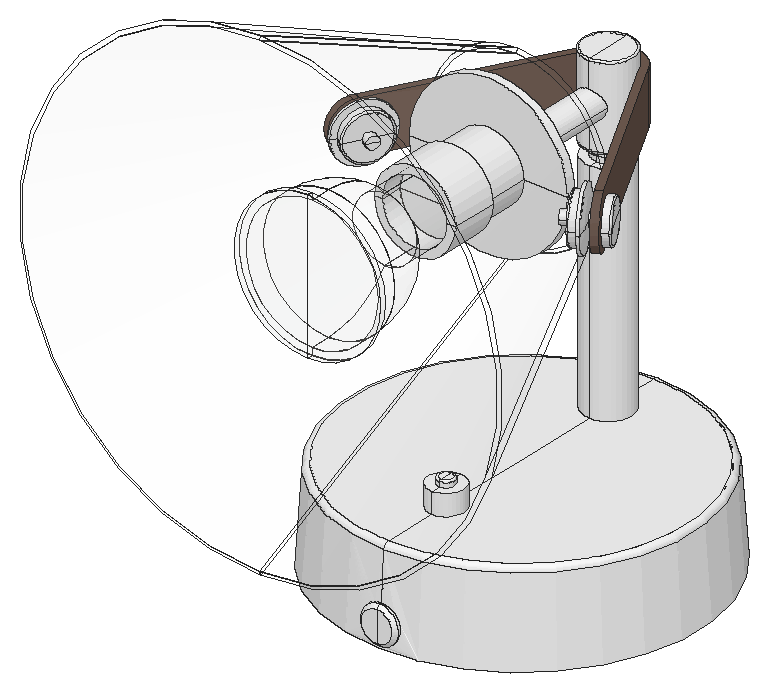
Revit family "Lighting_Wall-Mounted_Nordlux_Strap_15", category Lighting Fixtures, host Face, Revit 2017
Family settings
  Host = Face
  Round Connector Dimension = Use Diameter
  Part Type = Normal
  OmniClass Number = 23.80.70.00
  OmniClass Title = Lighting
  Cut with Voids When Loaded = No
  Light Source = Yes
  Shared = No
  Room Calculation Point = No
Parameters (values of type "Strap 15 - white/white opal with brown straps")
  Wattage = 6.7321 W
  WarrantyStartDate [instance] = "n/a"
  WarrantyGuarantorParts = "n/a"
  WarrantyGuarantorLabor = "n/a"
  WarrantyDurationUnit = "Hours"
  WarrantyDurationParts = "n/a"
  WarrantyDurationLabor = "n/a"
  WarrantyDescription = "n/a"
  built-in parameter 1150110 = 1 (stored number, unit not read)
  VersionDate = "12/09/2019"  # constant formula
  Version = "1"  # constant formula
  UsageCurrent = 0 A
  Uniclass2015Reference = "Pr_70_70_48_85"
  Uniclass2015Description = "Surface luminaires"
  Uniclass2 = "Pr_70_70_48_85"
  URL = "https://www.nordlux.com/products/product/46241001"
  Type Comments = ""
  TotalWattage = 8 W
  built-in parameter 1114217 = 1 (stored number, unit not read)
  Tilt Angle = 90.00°
  built-in parameter 1150109 = 1 (stored number, unit not read)
  built-in parameter 1150134 = (empty or 0)
  TagNumber [instance] = "n/a"
  SustainabilityPerformance = "n/a"
  built-in parameter 1150113 = 1 (stored number, unit not read)
  Socket = "GU10"
  Size = "Shade: 165x165x170 mm / Base mount 123x123x31mm"  # constant formula
  Shape = "Sculptured"
  SerialNumber [instance] = "n/a"
  Revision = "n/a"
  ReplacementCost = "n/a"
  ProductInformation = "n/a"
  Product data url = "https://www.bimobject.com/nordlux/product/strap_15_wall"
  Photometric Web File = "4624 Strap 15 Væg Opal.ies"
  PhaseReference = "n/a"
  PhaseAngle = 0.00°
  NumberOfSources = 0
  NumberOfPoles = 1
  built-in parameter 1150142 = "IESNA:LM-63-2002\r\n[TEST] Viso LabSpion - serial: 3247052577 sensor serial: 0408532695\r\n[TESTLAB] Viso LabSpion - serial: 3247052577 sensor serial: 0408532695 - Test lab\r\n[MANUFAC] Nordlux\r\n[ISSUEDATE] 29-05-2019\r\n[LUMINAIRE] 4624 Strap 15 Væg Opal\r\n[LUMCAT] B2019125\r\n[_SERIALNUMBER] VFR-190529-0321-MS\r\nTILT=NONE\r\n1 328 1 37 5 1 2 -0.165 -0.165 0.17\r\n1.0 1.0 3.18\r\n0 5 10 15 20 25 30 35 40 45 50 55 60 65 70 75 80 85 90 95 100 105 110 115 120 125 130 135 140 145 150 155 160 165 170 175 180\r\n0 90 180 270 360 \r\n42.1608 42.3999 43.8505 45.6332 47.7112 50.6735 54.0789 56.6676 58.7667 60.5339 61.404 61.2536 59.6495 54.0263 39.0048 22.6422 14.5886 11.725 10.6859 10.9872 11.6476 12.0829 12.5312 12.9415 13.392 13.4536 13.3948 13.4217 13.0929 12.7963\r\n 12.3718 11.5723 10.0573 7.6818 3.7419 0.6895 0.6023\r\n42.1608 42.6015 44.1435 45.6504 47.9814 50.3764 54.1817 57.659 60.1436 62.4715 63.3401 62.9755 61.3631 56.4468 39.0859 20.2125 14.4085 12.0083 10.5858 11.0173 11.1719 9.3983 4.6273 3.8678 4.2458 4.5984 4.8098 4.7699 4.9825 5.2416 5.4197\r\n 5.4675 4.8666 3.3069 1.7563 1.0618 0.6023\r\n42.1608 42.3999 43.8505 45.6332 47.7112 50.6735 54.0789 56.6676 58.7667 60.5339 61.404 61.2536 59.6495 54.0263 39.0048 22.6422 14.5886 11.725 10.6859 10.9872 11.6476 12.0829 12.5312 12.9415 13.392 13.4536 13.3948 13.4217 13.0929 12.7963\r\n 12.3718 11.5723 10.0573 7.6818 3.7419 0.6895 0.6023\r\n42.1608 42.6015 44.1435 45.6504 47.9814 50.3764 54.1817 57.659 60.1436 62.4715 63.3401 62.9755 61.3631 56.4468 39.0859 20.2125 14.4085 12.0083 10.5858 11.0173 11.1719 9.3983 4.6273 3.8678 4.2458 4.5984 4.8098 4.7699 4.9825 5.2416 5.4197\r\n 5.4675 4.8666 3.3069 1.7563 1.0618 0.6023\r\n42.1608 42.3999 43.8505 45.6332 47.7112 50.6735 54.0789 56.6676 58.7667 60.5339 61.404 61.2536 59.6495 54.0263 39.0048 22.6422 14.5886 11.725 10.6859 10.9872 11.6476 12.0829 12.5312 12.9415 13.392 13.4536 13.3948 13.4217 13.0929 12.7963\r\n 12.3718 11.5723 10.0573 7.6818 3.7419 0.6895 0.6023\r\n"
  NominalWidth = 165.003 mm
  NominalVoltageCalc = 0 V
  NominalVoltage = 230 V
  NominalRadius = NominalDiameter / 2  # 82.5 mm
  NominalLength = 171.854 mm
  NominalHeight = 209.151 mm
  NominalFrequencyRange = 50 Hz
  NominalDiameter = 165 mm
  NominalCurrent = 0 A
  Name = "Strap_15"  # constant formula
  NBSReference = "90-60-50/405"
  NBSDescription = "General purpose luminaires"
  ModelReference = ArticleNumber  # "46241001"
  ModelNumber = "n/a"
  Model = "Strap 15 - white/white opal with brown straps"
  Material = "Glass, metal & leather"
  ManufacturersSpecificInformation = "n/a"
  ManufacturerURL = "https://www.nordlux.com/"
  ManufacturerName = "Nordlux"
  Manufacturer = "Nordlux"
  MaintenanceFactor = 0
  built-in parameter 1150105 = 1506.4 (stored number, unit not read)
  Lumens = 1000 lm
  built-in parameter 1150115 = 1 (stored number, unit not read)
  LightSource = "Not included"
  LightFixtureTertiaryMaterial = Chrome
  LightFixtureSecondaryMaterial = Brown leather
  LightFixtureQuaternaryMaterial = Opal white
  LightFixturePlacingType = "Wall"
  LightFixtureMountingType = "Surface"
  LightFixtureMainMaterial = White
  built-in parameter 1150137 = (empty or 0)
  built-in parameter 1150139 = (empty or 0)
  LensMaterial = Glass
  built-in parameter 1150112 = 1 (stored number, unit not read)
  built-in parameter 1150114 = 1 (stored number, unit not read)
  InsulationStandardClass = "Class 2 (Double isolated)"
  InstallationDate [instance] = "n/a"
  built-in parameter 1150132 = 2
  built-in parameter 1150102 = (empty or 0)
  built-in parameter 1150107 = 3000 (stored number, unit not read)
  built-in parameter 1150138 = (empty or 0)
  built-in parameter 1150106 = 15.064 (stored number, unit not read)
  IfcExportType = "NOTDEFINED"  # constant formula
  IfcExportAs = "IfcLightFixtureType"  # constant formula
  IP_Code = "IP20"
  HasProtectiveEarth = no
  Grade = "n/a"
  Finish = "Primary material glass, secondary material leather, textile cable."
  Features = "White textile cable 200cm. Cable can be replaced."
  ExpectedLife = "n/a"
  EnergyClass = "A++ - A"
  Emit from Circle Diameter = 50 mm
  Emit Shape Visible in Rendering = no
  ElectricalDeviceNominalPower = 0
  built-in parameter 1150104 = 13.8 (stored number, unit not read)
  EANNumber = "5701581397484"
  DurationUnit = "Hours"
  Dimming Lamp Color Temperature Shift = <None>
  Designer = "Bonnelycke MDD"
  Description = "Metal and leather go well with the light Nordic style. The combination of these materials also allows the light to visually interact with a modern interior, where combining materials is one of the biggest current trends. With STRAP it seems obvious – just as obvious as how a Nordic light design is named after a leather strap. The narrow and elegant leather gives STRAP both a warm and raw look, which balances between the classic and the industrial. It comes with two leather straps in brown and black respectively, so it's up to you to give the STRAP the final look."
  Default Elevation = 0 mm
  ConvergoRefNr = "0143-1909-0019-DK"  # constant formula
  Constituents = "n/a"
  Color Filter = 16777215
  Color = "White"
  Collection = "Strap"
  CodePerformance = "n/a"
  Category = "Indoor lighting"
  Brand = "n/a"
  Barcode [instance] = "n/a"
  built-in parameter 1114218 = 1 (stored number, unit not read)
  BIMObjectName = "Lighting_Wall-Mounted_Nordlux_Strap_15"  # constant formula
  Author = "Convergo AB"  # constant formula
  built-in parameter 1150133 = 10 (stored number, unit not read)
  AssetType = "Fixed"
  AssetIdentifier [instance] = "n/a"
  ArticleNumber = "46241001"
  AccessibilityPerformance = "n/a"
Reference planes
  plane 1 "Center (Front/Back)": y = 0
  plane 2: z = 0
  plane 3 "Center (Left/Right)": x = 0
  plane 4: y = 85.927
  plane 5: y = -85.927
  plane 6: z = 209.151
  plane 7: x = 82.501
  plane 8: x = -82.501
Forms (mm)
  Extrusion 1, solid, material "White" <- "LightFixtureMainMaterial", detail levels coarse
    sketch origin (0, 0, 0) x (1, 0, 0) y (0, 1, 0)
      loop
        line (-82.501, 85.927) -> (-82.501, -85.927) -> (82.501, -85.927) -> (82.501, 85.927) -> (-82.501, 85.927)
    from 0 to 209.151
Dimensions and locks
  equal spacing: plane 8, plane 3 "Center (Left/Right)", plane 7
  equal spacing: plane 4, plane 1 "Center (Front/Back)", plane 5
  "NominalLength": plane 4 to plane 5
  "NominalWidth": plane 8 to plane 7
  "NominalHeight": plane 6 to level
  aligned and locked: plane 2 to host face
  aligned and locked: level to host face
  aligned and locked: Extrusion 1 sketch curve to plane 8
  aligned and locked: Extrusion 1 sketch curve to plane 7
  aligned and locked: Extrusion 1 sketch curve to plane 4
  aligned and locked: Extrusion 1 sketch curve to plane 5
  aligned and locked: Extrusion 1 to plane 6
  aligned and locked: plane 3 "Center (Left/Right)" to nested 1
  aligned and locked: nested 1 to plane 1 "Center (Front/Back)"
  aligned and locked: imposter light to nested 1  (x2)
Automatic sketch dimensions
  host sketch curve to host sketch curve = 2438.4 mm  (x2)
Nested families
  nested 1: "Strap_15_Wall" at (0, -85.927, 126.65) x (1, 0, 0) z (0, 1, 0), Glass <- "LensMaterial", Metal <- "LightFixtureMainMaterial", Strap <- "LightFixtureSecondaryMaterial", Nuts <- "LightFixtureTertiaryMaterial", LampMaterial <- "LightFixtureQuaternaryMaterial", type "Strap_15_Wall"
    with Strap Brown leather, Nuts Chrome, Metal White, LampMaterial Opal white, Glass Glass
Connectors
  electrical at (0, -36.173, 7), driven by "NumberOfPoles", driven by "NominalVoltage"
    settings: on nested 1, index 1, voltage 230 V, apparent load 0 VA, apparent load phase1 0 VA, apparent load phase2 0 VA, apparent load phase3 0 VA, power factor 1, load classification "Other", number of poles 1, system type 31, power factor state 1, is connector primary yes, connector utility no, sub classification motor no, connector description ""
Definition of nested family "Strap_15_Wall"
  Parameters (values of type "Strap_15_Wall")
    Strap [instance] = none
    Nuts [instance] = none
    Metal [instance] = none
    LampMaterial [instance] = none
    Glass [instance] = none
    Default Elevation = 1219.2 mm
  Reference planes
    plane 1 "Center (Front/Back)": y = 0
    plane 2: z = 0
    plane 3 "Center (Left/Right)": x = 0
    plane 4: z = 171.854
    plane 5: z = 20.354
    plane 6: x = -82.501
    plane 7: x = 82.501
    plane 8: y = 126.65
    plane 9: y = -82.501
    plane 10: y = 22.074
    plane 11: z = 85.927
  Forms (mm)
    Revolve 1, solid, material <- "LampMaterial", detail levels medium+fine
      sketch origin (0, 0, 0) x (0, 1, 0) y (0, 0, 1)
        loop
          line (81.093, -0.001) -> (82.501, 0.512)
          arc (82.501, 0.512) -> (58.841, 56.399) -> (30.478, 110.052) r 707.47
          line (30.478, 110.052) -> (29.161, 109.282)
          arc (29.161, 109.282) -> (57.472, 55.755) -> (81.093, -0.001) r 705.97
        axis (0, 110.052) -> (0, -0.001)
      angle from 0 to 360
    Revolve 2, solid, material <- "Glass", detail levels medium+fine
      sketch origin (0, 0, -10.439) x (0, 1, 0) y (0, 0, 1)
        loop
          line (0, 30.793) -> (25, 30.793) -> (25, 32.793) -> (22.5, 32.793) -> (22.5, 39.96)
          arc (22.5, 39.96) -> (19.463, 53.223) -> (10.957, 63.843) r 30.481
          line (10.957, 63.843) -> (10.957, 83.843) -> (0, 83.843) -> (0, 30.793)
        axis (0, 83.843) -> (0, 30.793)
      angle from 0 to 360
    Revolve 3, solid, material <- "Metal", detail levels medium+fine
      sketch origin (0, 0, 0) x (1, 0, 0) y (0, 0, 1)
        loop
          line (-5, 100.354) -> (-26.913, 100.354) -> (-26.913, 97.354) -> (-11.955, 97.354) -> (-11.955, 81.85) -> (-13.756, 81.85) -> (-13.756, 66.05) -> (-10.957, 66.05) -> (-10.957, 73.401) -> (0, 73.401) -> (0, 149.676) -> (-5, 149.676) -> (-5, 100.354)
        axis (0, 66.05) -> (0, 149.676)
      angle from 0 to 360
    Extrusion 4, solid, material <- "Strap", detail levels medium+fine
      sketch origin (0, 0, 0) x (1, 0, 0) y (0, 0, 1)
        loop
          line (-46.826, 85.869) -> (-44.617, 84.696)
          arc (-44.617, 84.696) -> (-25.766, 118.343) -> (-7.483, 152.302) r 2298.36
          arc (-7.483, 152.302) -> (0, 156.814) -> (7.483, 152.302) r 8.46
          arc (7.483, 152.302) -> (25.766, 118.343) -> (44.617, 84.696) r 2298.36
          line (44.617, 84.696) -> (46.826, 85.869)
          arc (46.826, 85.869) -> (27.976, 119.513) -> (9.694, 153.469) r 2295.86
          arc (9.694, 153.469) -> (0, 159.314) -> (-9.694, 153.469) r 10.96
          arc (-9.694, 153.469) -> (-27.976, 119.513) -> (-46.826, 85.869) r 2295.86
      from -9 to 9
    Sweep 5, void
      path in 3D
        loop
          line (43.513, -9, 84.11) -> (47.929, -9, 86.455)
      profile origin (45.721, -9, 85.282) x (-0.469002, 0, 0.883197) y (0, -1, 0)
        loop
          line (-1, 0) -> (-1, -18) -> (9, -18)
          arc (9, -18) -> (0, -9) -> (9, 0) r 9
          line (9, 0) -> (-1, 0)
    Sweep 6, void
      path in 3D
        loop
          line (-43.513, -9, 84.11) -> (-47.929, -9, 86.455)
      profile origin (-45.721, -9, 85.282) x (-0.469002, 0, -0.883197) y (0, -1, 0)
        loop
          line (1, 0) -> (-9, 0)
          arc (-9, 0) -> (0, -9) -> (-9, -18) r 9
          line (-9, -18) -> (1, -18) -> (1, 0)
    Revolve 7, solid, material <- "Nuts", detail levels medium+fine
      sketch origin (0, 0, 0) x (1, 0, 0) y (0, 0, 1)
        loop
          line (-45.053, 95.225) -> (-31.889, 88.035) -> (-30.93, 89.79) -> (-33.547, 91.22) -> (-30.898, 96.069)
          arc (-30.898, 96.069) -> (-30.857, 96.449) -> (-31.097, 96.747) r 0.5
          line (-31.097, 96.747) -> (-33.291, 97.946) -> (-32.345, 99.679) -> (-33.222, 100.158)
          arc (-33.222, 100.158) -> (-35.68, 96.969) -> (-37.716, 93.497) r 31.869
          line (-37.716, 93.497) -> (-41.462, 95.543) -> (-39.065, 99.931) -> (-41.259, 101.129)
          arc (-41.259, 101.129) -> (-41.639, 101.17) -> (-41.937, 100.93) r 0.5
          line (-41.937, 100.93) -> (-45.053, 95.225)
        axis (-45.053, 95.225) -> (-31.889, 88.035)
      angle from 0 to 360
    Revolve 8, solid, material <- "Nuts", detail levels medium+fine
      sketch origin (0, 0, 0) x (-1, 0, 0) y (0, 0, 1)
        loop
          line (-45.053, 95.225) -> (-31.889, 88.035) -> (-30.93, 89.79) -> (-33.547, 91.22) -> (-30.898, 96.069)
          arc (-30.898, 96.069) -> (-30.857, 96.449) -> (-31.097, 96.747) r 0.5
          line (-31.097, 96.747) -> (-33.291, 97.946) -> (-32.345, 99.679) -> (-33.222, 100.158)
          arc (-33.222, 100.158) -> (-35.68, 96.969) -> (-37.716, 93.497) r 31.869
          line (-37.716, 93.497) -> (-41.462, 95.543) -> (-39.065, 99.931) -> (-41.259, 101.129)
          arc (-41.259, 101.129) -> (-41.639, 101.17) -> (-41.937, 100.93) r 0.5
          line (-41.937, 100.93) -> (-45.053, 95.225)
        axis (-45.053, 95.225) -> (-31.889, 88.035)
      angle from 0 to 360
    Revolve 9, solid, material <- "Metal", detail levels medium+fine
      sketch origin (0, 0, 0) x (0, 1, 0) y (0, 0, 1)
        loop
          line (14.15, 148.354) -> (14.15, 156.314)
          arc (14.15, 156.314) -> (14.004, 156.668) -> (13.65, 156.814) r 0.5
          line (13.65, 156.814) -> (-13.65, 156.814)
          arc (-13.65, 156.814) -> (-14.004, 156.668) -> (-14.15, 156.314) r 0.5
          line (-14.15, 156.314) -> (-14.15, 148.354) -> (14.15, 148.354)
        axis (-14.15, 148.354) -> (14.15, 148.354)
      angle from 0 to 360
    Revolve 10, solid, material <- "Metal", detail levels medium+fine
      sketch origin (0, 0, 0) x (0, 1, 0) y (0, 0, 1)
        loop
          line (99.591, 148.354) -> (99.591, 156.383) -> (18.65, 156.383) -> (18.65, 153.387) -> (16.15, 153.387) -> (16.15, 154.613) -> (14.15, 154.613) -> (14.15, 148.354) -> (99.591, 148.354)
        axis (14.15, 148.354) -> (99.591, 148.354)
      angle from 0 to 360
    Revolve 11, solid, material <- "Metal", detail levels medium+fine
      sketch origin (0, 0, 0) x (0, 1, 0) y (0, 0, 1)
        loop
          line (126.65, 111.354) -> (126.65, 171.854) -> (97.51, 169.816)
          arc (97.51, 169.816) -> (96.187, 169.185) -> (95.65, 167.821) r 2
          line (95.65, 167.821) -> (95.65, 111.354) -> (126.65, 111.354)
        axis (126.65, 111.354) -> (95.65, 111.354)
      angle from 0 to 360
    Revolve 12, solid, material <- "Metal", detail levels medium+fine
      sketch origin (0, 0, 0) x (0, 1, 0) y (0, 0, 1)
        loop
          line (119.65, 49.754) -> (124.894, 49.754) -> (126.058, 51.094) -> (126.058, 55.026) -> (119.65, 55.026) -> (119.65, 49.754)
        axis (119.65, 55.026) -> (119.65, 49.754)
      angle from 0 to 360
    Revolve 13, solid, material <- "Metal", detail levels medium+fine
      sketch origin (0, 0, 0) x (0, 1, 0) y (0, 0, 1)
        loop
          line (86.65, 79.343) -> (102.452, 79.343) -> (102.452, 85.331) -> (88.65, 85.331) -> (88.65, 82.078) -> (87.15, 82.078)
          arc (87.15, 82.078) -> (86.796, 81.932) -> (86.65, 81.578) r 0.5
          line (86.65, 81.578) -> (86.65, 79.343)
        axis (102.452, 79.343) -> (86.65, 79.343)
      angle from 0 to 360
  Cuts and joins
    Sweep 5, Sweep 6 cuts Extrusion 4
    joined: Revolve 3, Revolve 9, Revolve 10, Revolve 11, Revolve 12, Revolve 13
    joined: Revolve 7, Revolve 8
  Lines and regions (mm)
    sketch lines
      curve 1: line (43.513, -9, 84.11) -> (47.929, -9, 86.455)
      curve 2: line (-43.513, -9, 84.11) -> (-47.929, -9, 86.455)
    symbolic lines, detail levels medium+fine
      curve 3: line (-81.093, 0, -0.001) -> (0, 0, -0.001)
      curve 4: line (-82.501, 0, 0.512) -> (-81.093, 0, -0.001)
      curve 6: line (81.093, 0, -0.001) -> (0, 0, -0.001)
      curve 7: line (82.501, 0, 0.512) -> (81.093, 0, -0.001)
      curve 8: line (0, 0, -0.001) -> (0, 81.093, -0.001)
      curve 9: line (0, 81.093, -0.001) -> (0, 82.501, 0.512)
      curve 10: arc (0, 82.501, 0.512) -> (0, 58.841, 56.399) -> (0, 30.478, 110.052) r 707.47
      curve 11: line (0, 9, 110.052) -> (0, 30.478, 110.052)
      curve 13: line (0, 14.15, 156.326) -> (0, 14.15, 154.604)
      curve 14: line (0, 13.65, 139.824) -> (0, 9, 139.824)
      curve 15: line (0, 13.65, 156.826) -> (0, 9, 156.826)
      curve 16: arc (0, 13.65, 156.826) -> (0, 14.004, 156.679) -> (0, 14.15, 156.326) r 0.5
      curve 17: arc (0, 14.15, 140.324) -> (0, 14.004, 139.97) -> (0, 13.65, 139.824) r 0.5
      curve 24: line (0, 9, 110.052) -> (0, 9, 139.824)
      curve 28: line (0, 0, -0.001) -> (0, -81.093, -0.001)
      curve 29: line (0, -81.093, -0.001) -> (0, -82.501, 0.512)
      curve 30: arc (0, -82.501, 0.512) -> (0, -58.841, 56.399) -> (0, -30.478, 110.052) r 707.47
      curve 31: line (0, -9, 110.052) -> (0, -30.478, 110.052)
      curve 33: line (0, -14.153, 156.326) -> (0, -14.153, 140.324)
      curve 34: line (0, -13.653, 139.824) -> (0, -9, 139.824)
      curve 35: line (0, -13.653, 156.826) -> (0, -9, 156.826)
      curve 36: arc (0, -13.653, 156.826) -> (0, -14.006, 156.679) -> (0, -14.153, 156.326) r 0.5
      curve 37: arc (0, -14.153, 140.324) -> (0, -14.006, 139.97) -> (0, -13.653, 139.824) r 0.5
      curve 44: line (0, -9, 110.052) -> (0, -9, 139.824)
      curve 46: arc (-8.028, 82.11, 0) -> (0, -82.501, 0) -> (8.028, 82.11, 0) r 82.501
      curve 50: line (0, 9, 156.826) -> (0, 9, 158.4)
      curve 51: line (0, 9, 158.4) -> (0, -9, 158.4)
      curve 52: line (0, -9, 158.4) -> (0, -9, 156.826)
      curve 53: line (0, 16.15, 154.604) -> (0, 14.15, 154.604)
      curve 54: line (0, 16.15, 154.604) -> (0, 16.15, 153.329)
      curve 55: line (0, 16.97, 153.329) -> (0, 16.15, 153.329)
      curve 56: line (0, 16.97, 153.329) -> (0, 16.97, 152.354)
      curve 57: line (0, 16.97, 152.354) -> (0, 18.65, 152.354)
      curve 58: line (0, 18.65, 152.354) -> (0, 18.65, 155.132)
      curve 59: line (0, 18.65, 155.132) -> (0, 22.4, 155.132)
      curve 60: arc (0, 22.4, 155.132) -> (0, 24.602, 155.443) -> (0, 26.631, 156.354) r 7.934
      curve 61: line (0, 26.631, 156.354) -> (0, 95.65, 156.354)
      curve 62: line (0, 95.65, 156.354) -> (0, 95.65, 167.821)
      curve 63: line (0, 126.65, 171.854) -> (0, 97.51, 169.816)
      curve 64: arc (0, 97.51, 169.816) -> (0, 96.187, 169.185) -> (0, 95.65, 167.821) r 2
      curve 65: line (0, 126.65, 50.854) -> (0, 125.892, 50.907)
      curve 66: arc (0, 97.51, 52.892) -> (0, 96.187, 53.523) -> (0, 95.65, 54.887) r 2
      curve 67: line (0, 126.65, 50.854) -> (0, 126.65, 171.854)
      curve 68: line (0, 18.65, 140.354) -> (0, 95.65, 140.354)
      curve 69: line (0, 95.65, 54.887) -> (0, 95.65, 73.303)
      curve 71: line (0, 124.739, 49.754) -> (0, 125.892, 50.907)
      curve 72: line (0, 114.561, 49.754) -> (0, 112.47, 51.846)
      curve 73: line (0, 114.561, 49.754) -> (0, 124.739, 49.754)
      curve 75: line (0, 112.47, 51.846) -> (0, 97.51, 52.892)
      curve 76: line (0, 95.65, 73.303) -> (0, 88.65, 73.303)
      curve 77: line (0, 95.65, 85.331) -> (0, 88.65, 85.331)
      curve 78: line (0, 88.65, 85.331) -> (0, 88.65, 82.078)
      curve 79: line (0, 88.65, 76.609) -> (0, 87.15, 76.609)
      curve 80: line (0, 88.65, 82.078) -> (0, 87.15, 82.078)
      curve 81: line (0, 86.65, 77.109) -> (0, 86.65, 81.578)
      curve 82: arc (0, 87.15, 82.078) -> (0, 86.796, 81.932) -> (0, 86.65, 81.578) r 0.5
      curve 83: arc (0, 86.65, 77.109) -> (0, 86.796, 76.755) -> (0, 87.15, 76.609) r 0.5
      curve 84: line (0, 88.65, 76.609) -> (0, 88.65, 73.303)
      curve 86: line (0, 95.65, 85.331) -> (0, 95.65, 140.354)
      curve 88: line (0, 16.15, 142.045) -> (0, 14.15, 142.045)
      curve 89: line (0, 16.15, 142.045) -> (0, 16.15, 143.321)
      curve 90: line (0, 16.97, 143.321) -> (0, 16.15, 143.321)
      curve 91: line (0, 16.97, 143.321) -> (0, 16.97, 144.295)
      curve 92: line (0, 16.97, 144.295) -> (0, 18.65, 144.295)
      curve 93: line (0, 18.65, 144.295) -> (0, 18.65, 140.354)
      curve 97: arc (49.132, 0, 76.051) -> (0, 0, 171.854) -> (-49.132, 0, 76.051) r 60.5
      curve 98: arc (-49.132, 0, 76.051) -> (-66.92, 0, 38.769) -> (-82.501, 0, 0.512) r 707.47
      curve 99: arc (49.132, 0, 76.051) -> (66.92, 0, 38.769) -> (82.501, 0, 0.512) r 707.47
      curve 115: line (-60.5, 126.65, 0) -> (0, 126.65, 0)
      curve 116: line (-58.462, 97.51, 0) -> (-60.5, 126.65, 0)
      curve 117: line (-56.467, 95.65, 0) -> (-8.028, 95.65, 0)
      curve 118: line (-8.028, 95.65, 0) -> (-8.028, 82.11, 0)
      curve 119: arc (-56.467, 95.65, 0) -> (-57.831, 96.187, 0) -> (-58.462, 97.51, 0) r 2
      curve 120: line (60.5, 126.65, 0) -> (0, 126.65, 0)
      curve 121: line (58.462, 97.51, 0) -> (60.5, 126.65, 0)
      curve 122: line (56.467, 95.65, 0) -> (8.028, 95.65, 0)
      curve 123: line (8.028, 95.65, 0) -> (8.028, 82.11, 0)
      curve 124: arc (56.467, 95.65, 0) -> (57.831, 96.187, 0) -> (58.462, 97.51, 0) r 2
      curve 171: line (0, 14.15, 142.045) -> (0, 14.15, 140.324)
    symbolic lines, detail levels fine
      curve 5: arc (-44.653, 0, 84.628) -> (-46.907, 0, 80.347) -> (-49.132, 0, 76.051) r 707.47
      curve 12: line (0, 9, 92.618) -> (0, 9, 110.052)
      curve 18: spline (0, 0, 84.696) -> (0, 1.175, 84.764) -> (0, 2.329, 84.966) -> (0, 3.444, 85.299) -> (0, 4.5, 85.758) -> (0, 5.479, 86.333) -> (0, 6.364, 87.016) -> (0, 7.14, 87.796) -> (0, 7.794, 88.657) -> (0, 8.315, 89.587) -> (0, 8.693, 90.568) -> (0, 8.923, 91.584) -> (0, 9, 92.618)
      curve 19: spline (0, 9, 93.791) -> (0, 8.923, 92.76) -> (0, 8.693, 91.746) -> (0, 8.315, 90.767) -> (0, 7.794, 89.84) -> (0, 7.14, 88.979) -> (0, 6.364, 88.2) -> (0, 5.479, 87.517) -> (0, 4.5, 86.94) -> (0, 3.444, 86.48) -> (0, 2.329, 86.145) -> (0, 1.175, 85.94) -> (0, 0, 85.869)
      curve 20: spline (0, 7, 93.791) -> (0, 6.941, 92.989) -> (0, 6.762, 92.2) -> (0, 6.468, 91.439) -> (0, 6.063, 90.718) -> (0, 5.555, 90.049) -> (0, 4.951, 89.445) -> (0, 4.263, 88.914) -> (0, 3.501, 88.468) -> (0, 2.68, 88.112) -> (0, 1.812, 87.854) -> (0, 0.914, 87.697) -> (0, 0, 87.644)
      curve 21: spline (0, 7, 95.079) -> (0, 6.94, 95.881) -> (0, 6.761, 96.669) -> (0, 6.467, 97.43) -> (0, 6.062, 98.151) -> (0, 5.553, 98.819) -> (0, 4.95, 99.423) -> (0, 4.261, 99.953) -> (0, 3.5, 100.399) -> (0, 2.679, 100.755) -> (0, 1.812, 101.013) -> (0, 0.914, 101.17) -> (0, 0, 101.222)
      curve 22: line (0, 7, 95.079) -> (0, 7, 93.791)
      curve 23: line (0, 82.501, 0.512) -> (0, 0, 0.512)
      curve 25: line (0, 9, 139.824) -> (0, 9, 156.826)
      curve 26: line (-82.501, 0, 0.512) -> (0, 0, 0.512)
      curve 27: line (82.501, 0, 0.512) -> (0, 0, 0.512)
      curve 32: line (0, -9, 92.618) -> (0, -9, 110.052)
      curve 38: spline (0, 0, 84.696) -> (0, -1.175, 84.764) -> (0, -2.329, 84.966) -> (0, -3.444, 85.299) -> (0, -4.5, 85.758) -> (0, -5.479, 86.333) -> (0, -6.364, 87.016) -> (0, -7.14, 87.796) -> (0, -7.794, 88.657) -> (0, -8.315, 89.587) -> (0, -8.693, 90.568) -> (0, -8.923, 91.584) -> (0, -9, 92.618)
      curve 39: spline (0, -9, 93.791) -> (0, -8.923, 92.76) -> (0, -8.693, 91.746) -> (0, -8.315, 90.767) -> (0, -7.794, 89.84) -> (0, -7.14, 88.979) -> (0, -6.364, 88.2) -> (0, -5.479, 87.517) -> (0, -4.5, 86.94) -> (0, -3.444, 86.48) -> (0, -2.329, 86.145) -> (0, -1.175, 85.94) -> (0, 0, 85.869)
      curve 40: spline (0, -7, 93.791) -> (0, -6.941, 92.989) -> (0, -6.762, 92.2) -> (0, -6.468, 91.439) -> (0, -6.063, 90.718) -> (0, -5.555, 90.049) -> (0, -4.951, 89.445) -> (0, -4.263, 88.914) -> (0, -3.501, 88.468) -> (0, -2.68, 88.112) -> (0, -1.812, 87.854) -> (0, -0.914, 87.697) -> (0, 0, 87.644)
      curve 41: spline (0, -7, 95.079) -> (0, -6.94, 95.881) -> (0, -6.761, 96.669) -> (0, -6.467, 97.43) -> (0, -6.062, 98.151) -> (0, -5.553, 98.819) -> (0, -4.95, 99.423) -> (0, -4.261, 99.953) -> (0, -3.5, 100.399) -> (0, -2.679, 100.755) -> (0, -1.812, 101.013) -> (0, -0.914, 101.17) -> (0, 0, 101.222)
      curve 42: line (0, -7, 95.079) -> (0, -7, 93.791)
      curve 43: line (0, -82.501, 0.512) -> (0, 0, 0.512)
      curve 45: line (0, -9, 139.824) -> (0, -9, 156.826)
      curve 47: arc (-8.028, 80.695, 0) -> (0, -81.093, 0) -> (8.028, 80.695, 0) r 81.093
      curve 48: arc (-8.028, 28.034, 0) -> (-20.257, 20.976, 0) -> (-27.737, 9, 0) r 29.161
      curve 49: arc (-8.028, 23.676, 0) -> (-17.309, 18.039, 0) -> (-23.324, 9, 0) r 25
      curve 70: line (0, 95.65, 140.354) -> (0, 95.65, 156.354)
      curve 74: line (0, 125.892, 50.907) -> (0, 112.47, 51.846)
      curve 85: line (0, 88.65, 82.078) -> (0, 88.65, 76.609)
      curve 87: line (0, 95.65, 73.303) -> (0, 95.65, 85.331)
      curve 94: line (0, 18.65, 144.295) -> (0, 18.65, 152.354)
      curve 95: line (0, 60.65, 156.354) -> (0, 60.65, 140.354)
      curve 96: line (0, 50.65, 156.354) -> (0, 50.65, 140.354)
      curve 100: arc (-9.694, 0, 153.469) -> (-27.976, 0, 119.513) -> (-46.826, 0, 85.869) r 2295.86
      curve 101: line (-46.826, 0, 85.869) -> (-44.653, 0, 84.628)
      curve 102: arc (0, 0, 159.314) -> (-5.66, 0, 157.74) -> (-9.694, 0, 153.469) r 10.96
      curve 103: arc (0, 0, 139.894) -> (-8.46, 0, 148.354) -> (0, 0, 156.814) r 8.46
      curve 104: arc (-44.617, 0, 84.696) -> (-25.766, 0, 118.343) -> (-7.483, 0, 152.302) r 2298.36
      curve 105: line (-5, 0, 141.529) -> (-5, 0, 110.052)
      curve 106: line (-30.343, 0, 110.052) -> (0, 0, 110.052)
      curve 107: arc (44.653, 0, 84.628) -> (46.907, 0, 80.347) -> (49.132, 0, 76.051) r 707.47
      curve 108: arc (9.694, 0, 153.469) -> (27.976, 0, 119.513) -> (46.826, 0, 85.869) r 2295.86
      curve 109: line (46.826, 0, 85.869) -> (44.653, 0, 84.628)
      curve 110: arc (0, 0, 159.314) -> (5.66, 0, 157.74) -> (9.694, 0, 153.469) r 10.96
      curve 111: arc (0, 0, 139.894) -> (8.46, 0, 148.354) -> (0, 0, 156.814) r 8.46
      curve 112: arc (44.617, 0, 84.696) -> (25.766, 0, 118.343) -> (7.483, 0, 152.302) r 2298.36
      curve 113: line (5, 0, 141.529) -> (5, 0, 110.052)
      curve 114: line (30.343, 0, 110.052) -> (0, 0, 110.052)
      curve 125: line (42.374, 9, 0) -> (-42.374, 9, 0)
      curve 126: spline (-45.219, 6.913, 0) -> (-45.016, 7.235, 0) -> (-44.805, 7.533, 0) -> (-44.585, 7.805, 0) -> (-44.358, 8.051, 0) -> (-44.125, 8.271, 0) -> (-43.886, 8.462, 0) -> (-43.642, 8.626, 0) -> (-43.393, 8.76, 0) -> (-43.141, 8.865, 0) -> (-42.887, 8.94, 0) -> (-42.631, 8.985, 0) -> (-42.374, 9, 0)
      curve 127: spline (-42.374, -9, 0) -> (-42.632, -8.985, 0) -> (-42.889, -8.94, 0) -> (-43.144, -8.864, 0) -> (-43.397, -8.759, 0) -> (-43.646, -8.625, 0) -> (-43.891, -8.462, 0) -> (-44.131, -8.27, 0) -> (-44.365, -8.05, 0) -> (-44.592, -7.804, 0) -> (-44.812, -7.531, 0) -> (-45.024, -7.233, 0) -> (-45.226, -6.91, 0)
      curve 128: line (-42.374, -9, 0) -> (42.374, -9, 0)
      curve 129: spline (-42.374, 6.999, 0) -> (-41.941, 6.928, 0) -> (-41.515, 6.74, 0) -> (-41.105, 6.439, 0) -> (-40.716, 6.03, 0) -> (-40.357, 5.519, 0) -> (-40.032, 4.916, 0) -> (-39.747, 4.23, 0) -> (-39.507, 3.472, 0) -> (-39.316, 2.657, 0) -> (-39.177, 1.796, 0) -> (-39.093, 0.906, 0) -> (-39.065, 0, 0)
      curve 130: line (-42.374, 6.999, 0) -> (-44.737, 6.999, 0)
      curve 131: spline (-44.737, 6.999, 0) -> (-45.171, 6.928, 0) -> (-45.596, 6.74, 0) -> (-46.007, 6.439, 0) -> (-46.395, 6.03, 0) -> (-46.755, 5.519, 0) -> (-47.08, 4.916, 0) -> (-47.365, 4.23, 0) -> (-47.604, 3.472, 0) -> (-47.795, 2.657, 0) -> (-47.934, 1.796, 0) -> (-48.018, 0.906, 0) -> (-48.046, 0, 0)
      curve 132: spline (-42.374, -6.999, 0) -> (-41.941, -6.928, 0) -> (-41.515, -6.74, 0) -> (-41.105, -6.439, 0) -> (-40.716, -6.03, 0) -> (-40.357, -5.519, 0) -> (-40.032, -4.916, 0) -> (-39.747, -4.23, 0) -> (-39.507, -3.472, 0) -> (-39.316, -2.657, 0) -> (-39.177, -1.796, 0) -> (-39.093, -0.906, 0) -> (-39.065, 0, 0)
      curve 133: line (-42.374, -6.999, 0) -> (-44.737, -6.999, 0)
      curve 134: spline (-44.737, -6.999, 0) -> (-45.171, -6.928, 0) -> (-45.596, -6.74, 0) -> (-46.007, -6.439, 0) -> (-46.395, -6.03, 0) -> (-46.755, -5.519, 0) -> (-47.08, -4.916, 0) -> (-47.365, -4.23, 0) -> (-47.604, -3.472, 0) -> (-47.795, -2.657, 0) -> (-47.934, -1.796, 0) -> (-48.018, -0.906, 0) -> (-48.046, 0, 0)
      curve 135: spline (45.219, 6.913, 0) -> (45.016, 7.235, 0) -> (44.805, 7.533, 0) -> (44.585, 7.805, 0) -> (44.358, 8.051, 0) -> (44.125, 8.271, 0) -> (43.886, 8.462, 0) -> (43.642, 8.626, 0) -> (43.393, 8.76, 0) -> (43.141, 8.865, 0) -> (42.887, 8.94, 0) -> (42.631, 8.985, 0) -> (42.374, 9, 0)
      curve 136: spline (42.374, -9, 0) -> (42.632, -8.985, 0) -> (42.889, -8.94, 0) -> (43.144, -8.864, 0) -> (43.397, -8.759, 0) -> (43.646, -8.625, 0) -> (43.891, -8.462, 0) -> (44.131, -8.27, 0) -> (44.365, -8.05, 0) -> (44.592, -7.804, 0) -> (44.812, -7.531, 0) -> (45.024, -7.233, 0) -> (45.226, -6.91, 0)
      curve 137: spline (42.374, 6.999, 0) -> (41.941, 6.928, 0) -> (41.515, 6.74, 0) -> (41.105, 6.439, 0) -> (40.716, 6.03, 0) -> (40.357, 5.519, 0) -> (40.032, 4.916, 0) -> (39.747, 4.23, 0) -> (39.507, 3.472, 0) -> (39.316, 2.657, 0) -> (39.177, 1.796, 0) -> (39.093, 0.906, 0) -> (39.065, 0, 0)
      curve 138: line (42.374, 6.999, 0) -> (44.737, 6.999, 0)
      curve 139: spline (44.737, 6.999, 0) -> (45.171, 6.928, 0) -> (45.596, 6.74, 0) -> (46.007, 6.439, 0) -> (46.395, 6.03, 0) -> (46.755, 5.519, 0) -> (47.08, 4.916, 0) -> (47.365, 4.23, 0) -> (47.604, 3.472, 0) -> (47.795, 2.657, 0) -> (47.934, 1.796, 0) -> (48.018, 0.906, 0) -> (48.046, 0, 0)
      curve 140: spline (42.374, -6.999, 0) -> (41.941, -6.928, 0) -> (41.515, -6.74, 0) -> (41.105, -6.439, 0) -> (40.716, -6.03, 0) -> (40.357, -5.519, 0) -> (40.032, -4.916, 0) -> (39.747, -4.23, 0) -> (39.507, -3.472, 0) -> (39.316, -2.657, 0) -> (39.177, -1.796, 0) -> (39.093, -0.906, 0) -> (39.065, 0, 0)
      curve 141: line (42.374, -6.999, 0) -> (44.737, -6.999, 0)
      curve 142: spline (44.737, -6.999, 0) -> (45.171, -6.928, 0) -> (45.596, -6.74, 0) -> (46.007, -6.439, 0) -> (46.395, -6.03, 0) -> (46.755, -5.519, 0) -> (47.08, -4.916, 0) -> (47.365, -4.23, 0) -> (47.604, -3.472, 0) -> (47.795, -2.657, 0) -> (47.934, -1.796, 0) -> (48.018, -0.906, 0) -> (48.046, 0, 0)
      curve 143: line (-8.509, -13.178, 0) -> (-8.509, -9, 0)
      curve 144: line (-8.509, 9, 0) -> (-8.509, 13.65, 0)
      curve 145: line (-8.009, 14.15, 0) -> (0, 14.15, 0)
      curve 146: line (-6.259, 16.15, 0) -> (0, 16.15, 0)
      curve 147: line (-8.028, 18.65, 0) -> (0, 18.65, 0)
      curve 148: line (-6.259, 16.15, 0) -> (-6.259, 14.15, 0)
      curve 149: line (-5.057, 18.65, 0) -> (-5.057, 16.15, 0)
      curve 150: arc (-8.509, 13.65, 0) -> (-8.363, 14.004, 0) -> (-8.009, 14.15, 0) r 0.5
      curve 151: line (-8.028, 18.65, 0) -> (-8.028, 82.11, 0)
      curve 152: line (-8.009, -13.678, 0) -> (0, -13.678, 0)
      curve 153: arc (-8.509, -13.178, 0) -> (-8.363, -13.532, 0) -> (-8.009, -13.678, 0) r 0.5
      curve 154: line (8.509, -13.178, 0) -> (8.509, -9, 0)
      curve 155: line (8.509, 9, 0) -> (8.509, 13.65, 0)
      curve 156: line (8.009, 14.15, 0) -> (0, 14.15, 0)
      curve 157: line (6.259, 16.15, 0) -> (0, 16.15, 0)
      curve 158: line (8.028, 18.65, 0) -> (0, 18.65, 0)
      curve 159: line (6.259, 16.15, 0) -> (6.259, 14.15, 0)
      curve 160: line (5.057, 18.65, 0) -> (5.057, 16.15, 0)
      curve 161: arc (8.509, 13.65, 0) -> (8.363, 14.004, 0) -> (8.009, 14.15, 0) r 0.5
      curve 162: line (8.028, 18.65, 0) -> (8.028, 82.11, 0)
      curve 163: line (8.009, -13.678, 0) -> (0, -13.678, 0)
      curve 164: arc (8.509, -13.178, 0) -> (8.363, -13.532, 0) -> (8.009, -13.678, 0) r 0.5
      curve 165: arc (-23.324, -9, 0) -> (0, -25, 0) -> (23.324, -9, 0) r 25
      curve 166: arc (-27.737, -9, 0) -> (0, -29.161, 0) -> (27.737, -9, 0) r 29.161
      curve 167: arc (23.324, 9, 0) -> (17.309, 18.039, 0) -> (8.028, 23.676, 0) r 25
      curve 168: arc (27.737, 9, 0) -> (20.257, 20.976, 0) -> (8.028, 28.034, 0) r 29.161
      curve 169: line (8.028, 95.65, 0) -> (0, 95.65, 0)
      curve 170: line (-8.028, 95.65, 0) -> (0, 95.65, 0)
      curve 172: line (0, 14.15, 154.604) -> (0, 14.15, 142.045)
      curve 173: line (0, 16.97, 152.354) -> (0, 16.97, 144.295)
      curve 174: line (0, 16.15, 153.329) -> (0, 16.15, 143.321)
  Dimensions and locks
    aligned and locked: level to plane 2
Types (9, lengths in mm): name | URL | Photometric Web File | built-in parameter 1150142 | ModelReference | Model | Material | LightFixtureSecondaryMaterial | LightFixtureQuaternaryMaterial | LightFixtureMainMaterial | Finish | Features | EANNumber | Color | ArticleNumber
  (no name) | "https://www.nordlux.com/products/product/46241001" | "4624 Strap 15 Væg Opal.ies" | "IESNA:LM-63-2002\r\n[TEST] Viso LabSpion - serial: 3247052577 sensor serial: 0408532695\r\n[TESTLAB] Viso LabSpion - serial: 3247052577 sensor serial: 0408532695 - Test lab\r\n[MANUFAC] Nordlux\r\n[ISSUEDATE] 29-05-2019\r\n[LUMINAIRE] 4624 Strap 15 Væg Opal\r\n[LUMCAT] B2019125\r\n[_SERIALNUMBER] VFR-190529-0321-MS\r\nTILT=NONE\r\n1 328 1 37 5 1 2 -0.165 -0.165 0.17\r\n1.0 1.0 3.18\r\n0 5 10 15 20 25 30 35 40 45 50 55 60 65 70 75 80 85 90 95 100 105 110 115 120 125 130 135 140 145 150 155 160 165 170 175 180\r\n0 90 180 270 360 \r\n42.1608 42.3999 43.8505 45.6332 47.7112 50.6735 54.0789 56.6676 58.7667 60.5339 61.404 61.2536 59.6495 54.0263 39.0048 22.6422 14.5886 11.725 10.6859 10.9872 11.6476 12.0829 12.5312 12.9415 13.392 13.4536 13.3948 13.4217 13.0929 12.7963\r\n 12.3718 11.5723 10.0573 7.6818 3.7419 0.6895 0.6023\r\n42.1608 42.6015 44.1435 45.6504 47.9814 50.3764 54.1817 57.659 60.1436 62.4715 63.3401 62.9755 61.3631 56.4468 39.0859 20.2125 14.4085 12.0083 10.5858 11.0173 11.1719 9.3983 4.6273 3.8678 4.2458 4.5984 4.8098 4.7699 4.9825 5.2416 5.4197\r\n 5.4675 4.8666 3.3069 1.7563 1.0618 0.6023\r\n42.1608 42.3999 43.8505 45.6332 47.7112 50.6735 54.0789 56.6676 58.7667 60.5339 61.404 61.2536 59.6495 54.0263 39.0048 22.6422 14.5886 11.725 10.6859 10.9872 11.6476 12.0829 12.5312 12.9415 13.392 13.4536 13.3948 13.4217 13.0929 12.7963\r\n 12.3718 11.5723 10.0573 7.6818 3.7419 0.6895 0.6023\r\n42.1608 42.6015 44.1435 45.6504 47.9814 50.3764 54.1817 57.659 60.1436 62.4715 63.3401 62.9755 61.3631 56.4468 39.0859 20.2125 14.4085 12.0083 10.5858 11.0173 11.1719 9.3983 4.6273 3.8678 4.2458 4.5984 4.8098 4.7699 4.9825 5.2416 5.4197\r\n 5.4675 4.8666 3.3069 1.7563 1.0618 0.6023\r\n42.1608 42.3999 43.8505 45.6332 47.7112 50.6735 54.0789 56.6676 58.7667 60.5339 61.404 61.2536 59.6495 54.0263 39.0048 22.6422 14.5886 11.725 10.6859 10.9872 11.6476 12.0829 12.5312 12.9415 13.392 13.4536 13.3948 13.4217 13.0929 12.7963\r\n 12.3718 11.5723 10.0573 7.6818 3.7419 0.6895 0.6023\r\n" | "46241001" | "Strap 15 - white/white opal with brown straps" | "Glass, metal & leather" | Brown leather | Opal white | White | "Primary material glass, secondary material leather, textile cable." | "White textile cable 200cm. Cable can be replaced." | "5701581397484" | "White" | "46241001"
  Strap 15 - black with black straps | "https://www.nordlux.com/products/product/84291003" | "8429 Strap 15 Væg Hvid.ies" | "IESNA:LM-63-2002\r\n[TEST] Viso LabSpion - serial: 3247052577 sensor serial: 0408532695\r\n[TESTLAB] Viso LabSpion - serial: 3247052577 sensor serial: 0408532695 - Test lab\r\n[MANUFAC] Nordlux\r\n[ISSUEDATE] 29-05-2019\r\n[LUMINAIRE] 8429 Strap 15 Væg Hvid\r\n[LUMCAT] B2019126\r\n[_SERIALNUMBER] VFR-190529-0323-MS\r\nTILT=NONE\r\n1 606 1 91 5 1 2 -0.165 -0.165 0.17\r\n1.0 1.0 6.49\r\n0 2 4 6 8 10 12 14 16 18 20 22 24 26 28 30 32 34 36 38 40 42 44 46 48 50 52 54 56 58 60 62 64 66 68 70 72 74 76 78 80 82 84 86 88 90 92 94 96 98 100 102 104 106 108 110 112 114 116 118 120 122 124 126 128 130 132 134 136 138 140 142\r\n 144 146 148 150 152 154 156 158 160 162 164 166 168 170 172 174 176 178 180\r\n0 90 180 270 360 \r\n899.4253 888.7734 871.5104 846.6705 806.5316 752.0361 690.8526 626.2958 563.7917 506.9897 457.272 412.6129 368.8921 327.5471 288.9357 251.9736 216.7967 184.5379 155.2464 129.0061 106.4351 87.432 71.5605 59.3482 50.0578 42.5813 36.5919\r\n 31.5708 27.4342 23.9479 21.1926 18.5899 16.2123 13.3011 9.8316 6.3714 3.8269 2.1783 1.4518 1.0742 0.9962 0.9253 0.8673 0.8092 0.795 0.7828 0.749 0.6891 0.6291 0.5886 0.5492 0.5621 0.6451 0.728 0.6771 0.6145 0.5983 0.6506 0.7029 0.6421\r\n 0.5682 0.5365 0.5725 0.6086 0.7052 0.8106 0.8913 0.9289 0.9665 0.8866 0.7857 0.7272 0.7508 0.7744 0.7599 0.7372 0.7108 0.6769 0.643 0.6863 0.7307 0.6975 0.6517 0.7915 0.8634 0.7736 0.6524 0.7089 0.8297 0.8314 0.7994\r\n899.4253 894.0393 872.7031 841.8943 799.0681 746.9332 687.378 622.0776 557.6409 498.7942 446.5349 400.9966 359.7044 320.0903 282.6289 247.3899 213.3974 180.2636 151.3317 126.1017 103.7486 85.1057 70.5243 59.1495 49.9094 42.2944 36.2334\r\n 31.0778 27.1409 23.5543 20.1291 17.5689 15.4709 12.879 9.5025 6.3133 3.6369 2.2445 1.1503 1.1324 1.1015 0.9708 0.84 0.788 0.7476 0.7056 0.6614 0.6173 0.6174 0.6213 0.6397 0.6785 0.7174 0.6922 0.6595 0.671 0.7522 0.8335 0.8454 0.8475\r\n 0.8412 0.8201 0.799 0.7794 0.76 0.766 0.8213 0.8767 0.8727 0.8569 0.8508 0.8658 0.8808 0.8672 0.8469 0.821 0.7818 0.7426 0.7311 0.7254 0.7229 0.7232 0.7367 0.7655 0.7829 0.7895 0.6705 0.885 0.9338 0.8807 0.7994\r\n899.4253 888.7734 871.5104 846.6705 806.5316 752.0361 690.8526 626.2958 563.7917 506.9897 457.272 412.6129 368.8921 327.5471 288.9357 251.9736 216.7967 184.5379 155.2464 129.0061 106.4351 87.432 71.5605 59.3482 50.0578 42.5813 36.5919\r\n 31.5708 27.4342 23.9479 21.1926 18.5899 16.2123 13.3011 9.8316 6.3714 3.8269 2.1783 1.4518 1.0742 0.9962 0.9253 0.8673 0.8092 0.795 0.7828 0.749 0.6891 0.6291 0.5886 0.5492 0.5621 0.6451 0.728 0.6771 0.6145 0.5983 0.6506 0.7029 0.6421\r\n 0.5682 0.5365 0.5725 0.6086 0.7052 0.8106 0.8913 0.9289 0.9665 0.8866 0.7857 0.7272 0.7508 0.7744 0.7599 0.7372 0.7108 0.6769 0.643 0.6863 0.7307 0.6975 0.6517 0.7915 0.8634 0.7736 0.6524 0.7089 0.8297 0.8314 0.7994\r\n899.4253 894.0393 872.7031 841.8943 799.0681 746.9332 687.378 622.0776 557.6409 498.7942 446.5349 400.9966 359.7044 320.0903 282.6289 247.3899 213.3974 180.2636 151.3317 126.1017 103.7486 85.1057 70.5243 59.1495 49.9094 42.2944 36.2334\r\n 31.0778 27.1409 23.5543 20.1291 17.5689 15.4709 12.879 9.5025 6.3133 3.6369 2.2445 1.1503 1.1324 1.1015 0.9708 0.84 0.788 0.7476 0.7056 0.6614 0.6173 0.6174 0.6213 0.6397 0.6785 0.7174 0.6922 0.6595 0.671 0.7522 0.8335 0.8454 0.8475\r\n 0.8412 0.8201 0.799 0.7794 0.76 0.766 0.8213 0.8767 0.8727 0.8569 0.8508 0.8658 0.8808 0.8672 0.8469 0.821 0.7818 0.7426 0.7311 0.7254 0.7229 0.7232 0.7367 0.7655 0.7829 0.7895 0.6705 0.885 0.9338 0.8807 0.7994\r\n899.4253 888.7734 871.5104 846.6705 806.5316 752.0361 690.8526 626.2958 563.7917 506.9897 457.272 412.6129 368.8921 327.5471 288.9357 251.9736 216.7967 184.5379 155.2464 129.0061 106.4351 87.432 71.5605 59.3482 50.0578 42.5813 36.5919\r\n 31.5708 27.4342 23.9479 21.1926 18.5899 16.2123 13.3011 9.8316 6.3714 3.8269 2.1783 1.4518 1.0742 0.9962 0.9253 0.8673 0.8092 0.795 0.7828 0.749 0.6891 0.6291 0.5886 0.5492 0.5621 0.6451 0.728 0.6771 0.6145 0.5983 0.6506 0.7029 0.6421\r\n 0.5682 0.5365 0.5725 0.6086 0.7052 0.8106 0.8913 0.9289 0.9665 0.8866 0.7857 0.7272 0.7508 0.7744 0.7599 0.7372 0.7108 0.6769 0.643 0.6863 0.7307 0.6975 0.6517 0.7915 0.8634 0.7736 0.6524 0.7089 0.8297 0.8314 0.7994\r\n" | "84291003" | "Strap 15 - black with black straps" | "Metal & leather" | Black leather | Black | Black | "Primary material metal, secondary material leather, textile cable." | "Black textile cable 200cm. Cable can be replaced." | "5701581364783" | "Black" | "84291003"
